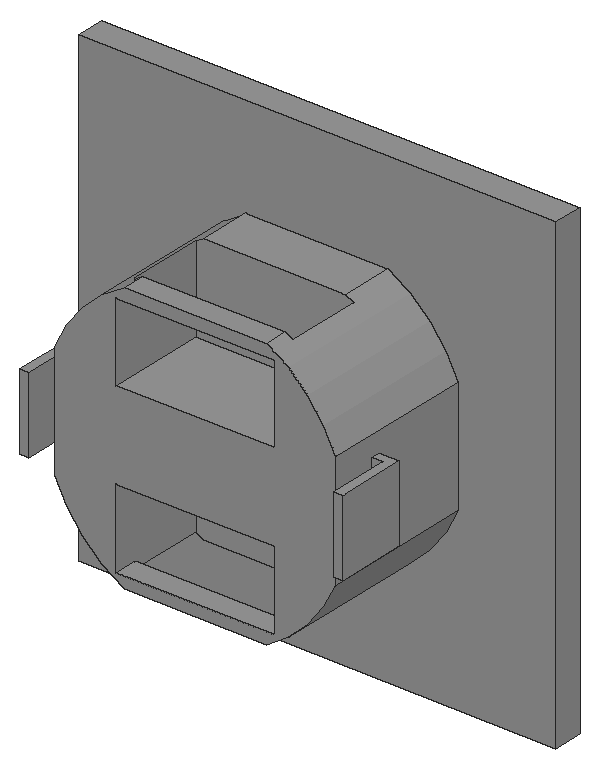
Revit family "IEK_РозеткаТелефонная_Встраиваемая_Одноместная IP20_КВАРТА", category Устройства связи, Revit 2019
Family settings
  Сохранять ориентацию аннотаций = Да
  Размер круглого соединителя = Использовать диаметр
  Тип детали = Нормальный
  На основе рабочей плоскости = Нет
  Всегда вертикально = Да
  При загрузке вырезать с полостями = Нет
  Общий = Нет
  Точка расчета площади = Нет
Parameters (values of type "РТ10-ККм")
  Ширина = 81.5 mm  # constant formula
  Тип монтажа = "Встраиваемый"  # constant formula
  Степень защиты = "IP20"  # constant formula
  Изготовитель = "IEK"  # constant formula
  Дата изменения = ""
  Глубина = 42.5 mm  # constant formula
  Высота = 80.5 mm  # constant formula
  ΔХ [instance] = 2000 mm
  ΔY [instance] = 2000 mm
  KSI_CPr_Строительные изделия = ""
  KSI_CMa_Строительные материалы = "01.7.14.03"  # constant formula
  IEK_Цена за единицу = 163.12  # constant formula
  IEK_Поиск в таблице имен = ""
  IEK_Описание = "Классический дизайн, проверенный временем и востребованный различными категориями потребителей, позволяет устанавливать изделия серии \"КВАРТА\" в квартирах, загородных домах, офисных и производственных помещениях."
  IEK_URL = "https://www.iek.ru/products/catalog/izdeliya_elektroustanovochnye_udliniteli_i_silovye_razemy/elektroustanovochnye_izdeliya/elektroustanovochnye_izdeliya_skrytogo_montazha/elektroustanovochnye_izdeliya_kvarta/elektroustanovochnye_izdeliya_kvarta_tsvet_kremovyy/rozetka_1_mestnaya_telefonnaya_rt10_kkm_kvarta_kremovyy_iek"
  ADSK_Примечание = ""
  ADSK_Позиция [instance] = ""
  ADSK_Наименование = "Розетка 1-местная телефонная РТ10-ККм КВАРТА кремовый IEK"
  ADSK_Материал обозначение = ""
  ADSK_Материал наименование = "Пластик"  # constant formula
  ADSK_Материал = Цвет кремовый
  ADSK_Масса = 0.08  # constant formula
  ADSK_Марка = "КВАРТА"  # constant formula
  ADSK_Код изделия = "ETK10-K33-DM"
  ADSK_Завод-изготовитель = "IEK"  # constant formula
  ADSK_Единица измерения = "шт"  # constant formula
  ADSK_Группирование = "III ЭЛЕКТРОУСТАНОВОЧНЫЕ И ЭЛЕКТРОМОНТАЖНЫЕ ИЗДЕЛИЯ"  # constant formula
  ADSK_Версия семейства = "1.0"  # constant formula
  ADSK_Версия Revit = "2019"  # constant formula
  ADSK_URL страницы изделия = "https://www.iek.ru/products/catalog/izdeliya_elektroustanovochnye_udliniteli_i_silovye_razemy/elektroustanovochnye_izdeliya/elektroustanovochnye_izdeliya_skrytogo_montazha/elektroustanovochnye_izdeliya_kvarta/?pagec=100"
Types (3, lengths in mm): name | IEK_URL | ADSK_Наименование | ADSK_Материал | ADSK_Код изделия
  (no name) | "https://www.iek.ru/products/catalog/izdeliya_elektroustanovochnye_udliniteli_i_silovye_razemy/elektroustanovochnye_izdeliya/elektroustanovochnye_izdeliya_skrytogo_montazha/elektroustanovochnye_izdeliya_kvarta/elektroustanovochnye_izdeliya_kvarta_tsvet_kremovyy/rozetka_1_mestnaya_telefonnaya_rt10_kkm_kvarta_kremovyy_iek" | "Розетка 1-местная телефонная РТ10-ККм КВАРТА кремовый IEK" | Цвет кремовый | "ETK10-K33-DM"
  РТ10-КБ | "https://www.iek.ru/products/catalog/izdeliya_elektroustanovochnye_udliniteli_i_silovye_razemy/elektroustanovochnye_izdeliya/elektroustanovochnye_izdeliya_skrytogo_montazha/elektroustanovochnye_izdeliya_kvarta/elektroustanovochnye_izdeliya_kvarta_tsvet_belyy/rozetka_1_mestnaya_telefonnaya_rt10_kb_kvarta_belyy_iek" | "Розетка 1-местная телефонная РТ10-КБ КВАРТА белый IEK" | Цвет белый | "ETK10-K01-DM"
  РТ10-ККм | "https://www.iek.ru/products/catalog/izdeliya_elektroustanovochnye_udliniteli_i_silovye_razemy/elektroustanovochnye_izdeliya/elektroustanovochnye_izdeliya_skrytogo_montazha/elektroustanovochnye_izdeliya_kvarta/elektroustanovochnye_izdeliya_kvarta_tsvet_kremovyy/rozetka_1_mestnaya_telefonnaya_rt10_kkm_kvarta_kremovyy_iek" | "Розетка 1-местная телефонная РТ10-ККм КВАРТА кремовый IEK" | Цвет кремовый | "ETK10-K33-DM"
Reference planes
  plane 1 "По центру (Вперед/Назад)": y = 0
  plane 2: z = 0
  plane 3 "По центру (Влево/Вправо)": x = 0
  plane 4 "Высота ножек": z = 280
  plane 5 "Высота": z = 2081.496
  plane 6: x = -2000
  plane 7: y = 2000
Forms (mm)
  Extrusion 1, solid, detail levels coarse
    sketch origin (0, 0, 0) x (1, 0, 0) y (0, 1, 0)
      loop
        line (-40.75, 15) -> (-40.75, -29) -> (40.75, -29) -> (40.75, 15) -> (-40.75, 15)
    from 0 to 80.5
  Extrusion 2, solid, detail levels medium
    sketch origin (0, 5, 0) x (1, 0, 0) y (0, 1, 0)
      loop
        line (-40.75, 10) -> (-40.75, -34) -> (40.75, -34) -> (40.75, 10) -> (-40.75, 10)
    from 0 to 80.5
  Extrusion 3, solid, material "Цвет кремовый" <- "ADSK_Материал", detail levels fine
    sketch origin (0, 0, 40.25) x (1, 0, 0) y (0, 0, -1)
      loop
        arc (-12.124, 23) -> (-19.255, 17.479) -> (-24, 9.811) r 25.342
        line (-24, 9.811) -> (-24, -9.811)
        arc (-24, -9.811) -> (-19.255, -17.479) -> (-12.124, -23) r 25.342
        line (-12.124, -23) -> (12.124, -23)
        arc (12.124, -23) -> (19.255, -17.479) -> (24, -9.811) r 25.342
        line (24, -9.811) -> (24, 9.811)
        arc (24, 9.811) -> (19.255, 17.479) -> (12.124, 23) r 25.342
        line (12.124, 23) -> (-12.124, 23)
    from 0 to -26
  Extrusion 4, solid, material "Цвет кремовый" <- "ADSK_Материал", detail levels fine
    sketch origin (0, 0, 40.25) x (1, 0, 0) y (0, 0, -1)
      loop
        line (-40.75, 40.25) -> (-40.75, -40.25) -> (40.75, -40.25) -> (40.75, 40.25) -> (-40.75, 40.25)
    from 0 to 14.038
  Revolve 5, solid, material "Цвет кремовый" <- "ADSK_Материал", detail levels fine
    sketch origin (0, 0, 40.25) x (0, 0, -1) y (0, 1, 0)
      loop
        line (19.023, 5) -> (21.005, 5) -> (21.005, 13.999)
        arc (21.005, 13.999) -> (20.014, 14.99) -> (19.023, 13.999) r 0.991
        line (19.023, 13.999) -> (19.023, 5)
      axis (0, 13.999) -> (0, 5)
    angle from 0 to 360
  Extrusion 6, void
    sketch origin (0, 0, 40.25) x (1, 0, 0) y (0, 0, -1)
      loop
        circle (0, 0) r 19.023
    from 5 to 18.875
  Extrusion 7, void
    sketch origin (-0.5, 0, 39.464) x (0, 1, 0) y (1, 0, 0)
      loop
        line (5, -40.25) -> (18.875, -40.25) -> (18.875, -11.84) -> (14.038, -11.84) -> (14.038, -14.912)
        spline (14.038, -14.912) -> (13.743, -16.643) -> (13.423, -18.551) -> (13.06, -20.603) -> (12.637, -22.767) -> (12.136, -25.011) -> (11.54, -27.303) -> (10.832, -29.61) -> (9.995, -31.901) -> (9.01, -34.142) -> (7.861, -36.302) -> (6.53, -38.349) -> (5, -40.25)
    from -55.184 to 53.611
  Extrusion 8, void
    sketch origin (0, 0, 40.25) x (1, 0, 0) y (0, 0, -1)
      loop
        line (-6, 5.5) -> (-6, -1.5) -> (-3.5, -1.5) -> (-3.5, -3.5) -> (-2, -3.5) -> (-2, -5.5) -> (2, -5.5) -> (2, -3.5) -> (3.5, -3.5) -> (3.5, -1.5) -> (6, -1.5) -> (6, 5.5) -> (-6, 5.5)
    from 5 to -4
  Extrusion 9, void
    sketch origin (0.5, 0, 39.464) x (0, -1, 0) y (-1, 0, 0)
      loop
        spline (-5, -40.25) -> (-6.53, -38.349) -> (-7.861, -36.302) -> (-9.01, -34.142) -> (-9.995, -31.901) -> (-10.832, -29.61) -> (-11.54, -27.303) -> (-12.136, -25.011) -> (-12.637, -22.767) -> (-13.06, -20.603) -> (-13.423, -18.551) -> (-13.743, -16.643) -> (-14.038, -14.912)
        line (-14.038, -14.912) -> (-14.038, -11.84) -> (-18.875, -11.84) -> (-18.875, -40.25) -> (-5, -40.25)
    from -55.184 to 53.611
  Extrusion 10, void
    sketch origin (0.786, 0, 40.25) x (0, 0, 1) y (0, -1, 0)
      loop
        spline (40.25, -5) -> (38.349, -6.53) -> (36.302, -7.861) -> (34.142, -9.01) -> (31.901, -9.995) -> (29.61, -10.832) -> (27.303, -11.54) -> (25.011, -12.136) -> (22.767, -12.637) -> (20.603, -13.06) -> (18.551, -13.423) -> (16.643, -13.743) -> (14.912, -14.038)
        line (14.912, -14.038) -> (11.84, -14.038) -> (11.84, -18.875) -> (40.25, -18.875) -> (40.25, -5)
    from -55.184 to 53.611
  Extrusion 11, void
    sketch origin (0.786, 0, 40.25) x (0, 0, -1) y (0, 1, 0)
      loop
        line (40.25, 5) -> (40.25, 18.875) -> (11.84, 18.875) -> (11.84, 14.038) -> (14.912, 14.038)
        spline (14.912, 14.038) -> (16.643, 13.743) -> (18.551, 13.423) -> (20.603, 13.06) -> (22.767, 12.637) -> (25.011, 12.136) -> (27.303, 11.54) -> (29.61, 10.832) -> (31.901, 9.995) -> (34.142, 9.01) -> (36.302, 7.861) -> (38.349, 6.53) -> (40.25, 5)
    from -55.184 to 53.611
  Extrusion 12, solid, material "Цвет кремовый" <- "ADSK_Материал", detail levels fine
    sketch origin (0, 0, 40.25) x (1, 0, 0) y (0, 1, 0)
      loop
        line (-26, -29) -> (-26, -18.5) -> (-24, -18.5) -> (-24, -17) -> (-27.5, -17) -> (-27.5, -29) -> (-26, -29)
      loop
        line (27.5, -29) -> (27.5, -17) -> (24, -17) -> (24, -18.5) -> (26, -18.5) -> (26, -29) -> (27.5, -29)
    from -6.5 to 6.5
  Extrusion 13, void
    sketch origin (0, 0, 40.25) x (0, -1, 0) y (1, 0, 0)
      loop
        line (9, -13.5) -> (22, -13.5) -> (22, 13.5) -> (9, 13.5) -> (9, -13.5)
    from 7.5 to 23
  Extrusion 14, void
    sketch origin (0, 0, 40.25) x (1, 0, 0) y (0, 0, -1)
      loop
        line (-13.5, -7.5) -> (-13.5, -21) -> (13.5, -21) -> (13.5, -7.5) -> (-13.5, -7.5)
      loop
        line (-13.5, 21) -> (-13.5, 7.5) -> (13.5, 7.5) -> (13.5, 21) -> (-13.5, 21)
    from -26 to -22
  Extrusion 15, void
    sketch origin (0, 0, 8.329) x (1, 0, 0) y (0, 1, 0)
      loop
        line (-13.5, -9) -> (-13.5, -22) -> (13.5, -22) -> (13.5, -9) -> (-13.5, -9)
    from 7.5 to 23
Cuts and joins
  Extrusion 6, Extrusion 7, Extrusion 8, Extrusion 9, Extrusion 10, Extrusion 11 cuts Extrusion 4
  Extrusion 13, Extrusion 14, Extrusion 15 cuts Extrusion 3
  Extrusion 15 cuts Extrusion 1
Lines and regions (mm)
  reference lines
    curve 1: line (0, 44.647, 0) -> (0, -55.353, 0)
    curve 2: line (-23.829, 0, 0) -> (76.171, 0, 0)
Dimensions and locks
  locked: plane 4 "Высота ножек" to plane 2 at 280
  plane 5 "Высота" to plane 4 "Высота ножек" = 1801.496 mm
  "ΔХ": plane 6 to curve 1
  "ΔY": plane 7 to curve 2
  aligned and locked: level to plane 2
  aligned and locked: nested 1 to curve 1
  aligned and locked: curve 2 to nested 1
Automatic sketch dimensions
  Extrusion 1 sketch curve to plane 3 "По центру (Влево/Вправо)" = 40.75 mm
  plane 3 "По центру (Влево/Вправо)" to Extrusion 1 sketch curve = 40.75 mm
  plane 1 "По центру (Вперед/Назад)" to Extrusion 1 sketch curve = 29 mm
  Extrusion 1 sketch curve to plane 1 "По центру (Вперед/Назад)" = 15 mm
  Extrusion 2 sketch curve to plane 3 "По центру (Влево/Вправо)" = 40.75 mm
  plane 3 "По центру (Влево/Вправо)" to Extrusion 2 sketch curve = 40.75 mm
  plane 1 "По центру (Вперед/Назад)" to Extrusion 2 sketch curve = 29 mm
  Extrusion 2 sketch curve to plane 1 "По центру (Вперед/Назад)" = 15 mm
  Extrusion 3 sketch curve to plane 3 "По центру (Влево/Вправо)" = 24 mm
  Extrusion 3 sketch curve to plane 3 "По центру (Влево/Вправо)" = 12.124 mm  (x2)
  Extrusion 3 sketch curve to plane 3 "По центру (Влево/Вправо)" = 0.422 mm  (x2)
  plane 3 "По центру (Влево/Вправо)" to Extrusion 3 sketch curve = 0.422 mm  (x2)
  plane 3 "По центру (Влево/Вправо)" to Extrusion 3 sketch curve = 12.124 mm  (x2)
  Extrusion 3 sketch curve to Extrusion 3 sketch curve = 11.876 mm
  level to Extrusion 3 sketch curve = 63.25 mm
  Extrusion 3 sketch curve to Extrusion 3 sketch curve = 13.189 mm  (x2)
  Extrusion 3 sketch curve to Extrusion 3 sketch curve = 1.043 mm
  Extrusion 3 sketch curve to Extrusion 3 sketch curve = 0 mm
  Extrusion 3 sketch curve to Extrusion 3 sketch curve = 19.622 mm
  Extrusion 4 sketch curve to level = 0 mm
  Extrusion 4 sketch curve to plane 3 "По центру (Влево/Вправо)" = 40.75 mm
  plane 3 "По центру (Влево/Вправо)" to Extrusion 4 sketch curve = 40.75 mm
  level to Extrusion 4 sketch curve = 80.5 mm
  level to Revolve 5 sketch curve = 21.227 mm
  Revolve 5 sketch curve to Revolve 5 sketch curve = 0.991 mm
  Revolve 5 sketch curve to plane 1 "По центру (Вперед/Назад)" = 5 mm
  Revolve 5 sketch curve to Revolve 5 sketch curve = 8.999 mm
  level to Revolve 5 sketch curve = 40.25 mm
  plane 1 "По центру (Вперед/Назад)" to Revolve 5 sketch curve = 609.6 mm
  plane 7 to Revolve 5 sketch curve = 343.807 mm
  Extrusion 6 sketch curve to plane 3 "По центру (Влево/Вправо)" = 0 mm
  level to Extrusion 6 sketch curve = 40.25 mm
  Extrusion 7 sketch curve to plane 1 "По центру (Вперед/Назад)" = 5 mm
  Extrusion 7 sketch curve to plane 1 "По центру (Вперед/Назад)" = 14.038 mm
  Extrusion 7 sketch curve to Extrusion 7 sketch curve = 4.837 mm
  Extrusion 7 sketch curve to plane 3 "По центру (Влево/Вправо)" = 12.34 mm
  Extrusion 7 sketch curve to Extrusion 7 sketch curve = 3.071 mm
  Extrusion 7 sketch curve to Extrusion 7 sketch curve = 25.338 mm
  Extrusion 8 sketch curve to plane 3 "По центру (Влево/Вправо)" = 6 mm
  Extrusion 8 sketch curve to Extrusion 8 sketch curve = 2.5 mm
  Extrusion 8 sketch curve to plane 3 "По центру (Влево/Вправо)" = 2 mm
  plane 3 "По центру (Влево/Вправо)" to Extrusion 8 sketch curve = 2 mm
  Extrusion 8 sketch curve to Extrusion 8 sketch curve = 1.5 mm
  plane 3 "По центру (Влево/Вправо)" to Extrusion 8 sketch curve = 6 mm
  level to Extrusion 8 sketch curve = 45.75 mm
  Extrusion 8 sketch curve to Extrusion 8 sketch curve = 2 mm  (x4)
  Extrusion 8 sketch curve to Extrusion 8 sketch curve = 7 mm
  Extrusion 9 sketch curve to plane 1 "По центру (Вперед/Назад)" = 18.875 mm
  Extrusion 9 sketch curve to Extrusion 9 sketch curve = 4.837 mm
  Extrusion 9 sketch curve to plane 1 "По центру (Вперед/Назад)" = 5 mm
  plane 3 "По центру (Влево/Вправо)" to Extrusion 9 sketch curve = 12.34 mm
  Extrusion 9 sketch curve to Extrusion 9 sketch curve = 3.071 mm
  Extrusion 9 sketch curve to Extrusion 9 sketch curve = 25.338 mm
  Extrusion 10 sketch curve to plane 1 "По центру (Вперед/Назад)" = 18.875 mm
  level to Extrusion 10 sketch curve = 52.09 mm
  Extrusion 10 sketch curve to plane 1 "По центру (Вперед/Назад)" = 14.038 mm
  Extrusion 10 sketch curve to Extrusion 10 sketch curve = 3.071 mm
  Extrusion 10 sketch curve to plane 1 "По центру (Вперед/Назад)" = 5 mm
  Extrusion 10 sketch curve to Extrusion 10 sketch curve = 25.338 mm
  Extrusion 11 sketch curve to level = 0 mm
  level to Extrusion 11 sketch curve = 25.338 mm
  Extrusion 11 sketch curve to Extrusion 11 sketch curve = 3.071 mm
  Extrusion 11 sketch curve to plane 1 "По центру (Вперед/Назад)" = 5 mm
  Extrusion 11 sketch curve to plane 1 "По центру (Вперед/Назад)" = 14.038 mm
  Extrusion 11 sketch curve to Extrusion 11 sketch curve = 4.837 mm
  Extrusion 12 sketch curve to plane 3 "По центру (Влево/Вправо)" = 27.5 mm
  Extrusion 12 sketch curve to Extrusion 12 sketch curve = 1.5 mm  (x4)
  Extrusion 12 sketch curve to Extrusion 12 sketch curve = 2 mm  (x2)
  plane 3 "По центру (Влево/Вправо)" to Extrusion 12 sketch curve = 24 mm
  plane 1 "По центру (Вперед/Назад)" to Extrusion 12 sketch curve = 29 mm  (x2)
  Extrusion 12 sketch curve to Extrusion 12 sketch curve = 10.5 mm  (x2)
  plane 1 "По центру (Вперед/Назад)" to Extrusion 13 sketch curve = 9 mm
  Extrusion 13 sketch curve to Extrusion 13 sketch curve = 13 mm
  Extrusion 13 sketch curve to plane 3 "По центру (Влево/Вправо)" = 13.5 mm
  plane 3 "По центру (Влево/Вправо)" to Extrusion 13 sketch curve = 13.5 mm
  Extrusion 14 sketch curve to plane 3 "По центру (Влево/Вправо)" = 13.5 mm  (x2)
  plane 3 "По центру (Влево/Вправо)" to Extrusion 14 sketch curve = 13.5 mm  (x2)
  level to Extrusion 14 sketch curve = 61.25 mm
  Extrusion 14 sketch curve to Extrusion 14 sketch curve = 13.5 mm  (x2)
  Extrusion 14 sketch curve to Extrusion 14 sketch curve = 15 mm
  Extrusion 15 sketch curve to plane 3 "По центру (Влево/Вправо)" = 13.5 mm
  plane 3 "По центру (Влево/Вправо)" to Extrusion 15 sketch curve = 13.5 mm
  plane 1 "По центру (Вперед/Назад)" to Extrusion 15 sketch curve = 22 mm
  plane 1 "По центру (Вперед/Назад)" to Extrusion 15 sketch curve = 9 mm
  curve 2 to plane 3 "По центру (Влево/Вправо)" = 23.829 mm
  plane 3 "По центру (Влево/Вправо)" to curve 2 = 76.171 mm
  plane 1 "По центру (Вперед/Назад)" to curve 1 = 55.353 mm
  curve 1 to plane 1 "По центру (Вперед/Назад)" = 44.647 mm
  radius of Extrusion 6 sketch curve = 19.023 mm
Nested families
  nested 1: "УГО Розетки связистской" at (0, 0, 0), type "Розетка телефонная", detail levels coarse+medium
Connectors
  electrical at (0, -7, 0)
    settings: on Extrusion 1, index 1, voltage 0 V, apparent load 0 VA, apparent load phase1 0 VA, apparent load phase2 0 VA, apparent load phase3 0 VA, power factor 1, load classification "Прочее", number of poles 1, system type 9, power factor state 1, is connector primary yes, connector utility no, sub classification motor no, connector description ""
Definition of nested family "УГО Розетки связистской"
  Parameters (values of type "Розетка двухместная телефонная")
    Розетка телефонная = no
    Розетка сетевая (Интернет) = no
    Розетка сетевая и телефонная = no
    Розетка телевизионная = no
    Розетка двухместная телефонная = yes
  Types (5, lengths in mm): name | Розетка телефонная | Розетка сетевая (Интернет) | Розетка сетевая и телефонная | Розетка телевизионная | Розетка двухместная телефонная
    Розетка телевизионная | no | no | no | yes | no
    Розетка сетевая (Интернет) | no | yes | no | no | no
    Розетка сетевая и телефонная | no | no | yes | no | no
    Розетка телефонная | yes | no | no | no | no
    Розетка двухместная телефонная | no | no | no | no | yes
  Reference planes
    plane 1: y = 0
    plane 2: x = 0
  Lines and regions (mm)
    Filled region 1, type "Цветовая область 1", visible <- "Розетка телефонная"
      outline origin (0, 0, 0) x (1, 0, 0) y (0, 1, 0)
        loop
          line (-0.512, 1.977) -> (-0.512, 3.023) -> (-1.53, 3.023) -> (-1.53, 1.977) -> (-0.512, 1.977)
        loop
          line (0.512, 1.977) -> (1.53, 1.977) -> (1.53, 3.023) -> (0.512, 3.023) -> (0.512, 1.977)
    Filled region 2, type "Цветовая область 1", visible <- "Розетка телефонная", not visible
      outline origin (0, 0, 0) x (1, 0, 0) y (0, 1, 0)
        loop
          line (8.078, 7.617) -> (8.078, 8.664) -> (7.06, 8.664) -> (7.06, 7.617) -> (8.078, 7.617)
        loop
          line (9.101, 7.617) -> (10.119, 7.617) -> (10.119, 8.664) -> (9.101, 8.664) -> (9.101, 7.617)
    Filled region 3, type "Цветовая область 1", visible <- "Розетка сетевая и телефонная"
      outline origin (0, 0, 0) x (1, 0, 0) y (0, 1, 0)
        loop
          line (0.994, 4) -> (0.994, 3) -> (1.994, 3) -> (1.994, 4) -> (0.994, 4)
        loop
          line (3.019, 3) -> (4.019, 3) -> (4.019, 4) -> (3.019, 4) -> (3.019, 3)
    Filled region 4, type "Цветовая область 1", visible <- "Розетка сетевая и телефонная", not visible
      outline origin (0, 0, 0) x (1, 0, 0) y (0, 1, 0)
        loop
          line (28.769, 14.987) -> (28.769, 13.987) -> (29.769, 13.987) -> (29.769, 14.987) -> (28.769, 14.987)
        loop
          line (30.794, 13.987) -> (31.794, 13.987) -> (31.794, 14.987) -> (30.794, 14.987) -> (30.794, 13.987)
    Filled region 5, type "Цветовая область 1", visible <- "Розетка двухместная телефонная"
      outline origin (0, 0, 0) x (1, 0, 0) y (0, 1, 0)
        loop
          line (-0.512, 1.977) -> (-0.512, 3.023) -> (-1.53, 3.023) -> (-1.53, 1.977) -> (-0.512, 1.977)
        loop
          line (0.512, 1.977) -> (1.53, 1.977) -> (1.53, 3.023) -> (0.512, 3.023) -> (0.512, 1.977)
    Filled region 6, type "Цветовая область 1", visible <- "Розетка двухместная телефонная", not visible
      outline origin (0, 0, 0) x (1, 0, 0) y (0, 1, 0)
        loop
          line (39.096, 13.207) -> (39.096, 14.254) -> (38.078, 14.254) -> (38.078, 13.207) -> (39.096, 13.207)
        loop
          line (40.119, 13.207) -> (41.137, 13.207) -> (41.137, 14.254) -> (40.119, 14.254) -> (40.119, 13.207)
    detail lines
      curve 1: line (0.006, 0, 0) -> (0.006, 2.454, 0)
      curve 2: line (0.006, 0, 0) -> (2.217, 0, 0)
    detail lines, visible <- "Розетка сетевая (Интернет)", not visible
      curve 3: line (2.5, 1.221, 0) -> (-2.5, 1.221, 0)
      curve 4: line (2.5, 6.221, 0) -> (-2.5, 6.221, 0)
      curve 5: line (0, 6.221, 0) -> (-2.5, 1.221, 0)
      curve 6: line (0, 6.221, 0) -> (2.5, 1.221, 0)
    detail lines, visible <- "Розетка телевизионная", not visible
      curve 7: line (19.458, 13.285, 0) -> (24.458, 13.285, 0)
      curve 8: line (19.458, 8.285, 0) -> (24.458, 8.285, 0)
      curve 9: line (21.958, 13.285, 0) -> (19.458, 8.285, 0)
      curve 10: line (21.958, 13.285, 0) -> (24.458, 8.285, 0)
    detail lines, visible <- "Розетка сетевая (Интернет)"
      curve 11: line (2.506, 0, 0) -> (-2.494, 0, 0)
      curve 12: line (2.506, 5, 0) -> (-2.494, 5, 0)
      curve 13: line (0.006, 5, 0) -> (-2.494, 0, 0)
      curve 14: line (0.006, 5, 0) -> (2.506, 0, 0)
    detail lines, visible <- "Розетка телевизионная"
      curve 15: line (-2.494, 5, 0) -> (2.506, 5, 0)
      curve 16: line (-2.494, 0, 0) -> (2.506, 0, 0)
      curve 17: line (0.006, 5, 0) -> (-2.494, 0, 0)
      curve 18: line (0.006, 5, 0) -> (2.506, 0, 0)
    detail lines, visible <- "Розетка телефонная"
      curve 19: circle (0.006, 2.5, 0) r 2.5 normal (0, 0, 1)
      curve 21: line (-1.53, 3.023, 0) -> (-1.53, 1.977, 0)
      curve 22: line (-1.53, 1.977, 0) -> (-0.512, 1.977, 0)
      curve 23: line (-0.512, 1.977, 0) -> (-0.512, 3.023, 0)
      curve 24: line (-0.512, 3.023, 0) -> (-1.53, 3.023, 0)
      curve 25: line (1.53, 3.023, 0) -> (1.53, 1.977, 0)
      curve 26: line (1.53, 1.977, 0) -> (0.512, 1.977, 0)
      curve 27: line (0.512, 1.977, 0) -> (0.512, 3.023, 0)
      curve 28: line (0.512, 3.023, 0) -> (1.53, 3.023, 0)
    detail lines, visible <- "Розетка телефонная", not visible
      curve 20: circle (8.596, 8.14, 0) r 2.5 normal (0, 0, 1)
      curve 29: line (7.06, 8.664, 0) -> (7.06, 7.617, 0)
      curve 30: line (7.06, 7.617, 0) -> (8.078, 7.617, 0)
      curve 31: line (8.078, 7.617, 0) -> (8.078, 8.664, 0)
      curve 32: line (8.078, 8.664, 0) -> (7.06, 8.664, 0)
      curve 33: line (10.119, 8.664, 0) -> (10.119, 7.617, 0)
      curve 34: line (10.119, 7.617, 0) -> (9.101, 7.617, 0)
      curve 35: line (9.101, 7.617, 0) -> (9.101, 8.664, 0)
      curve 36: line (9.101, 8.664, 0) -> (10.119, 8.664, 0)
    detail lines, visible <- "Розетка сетевая и телефонная"
      curve 37: line (-5.994, 7, 0) -> (6.006, 7, 0)
      curve 38: line (-5.994, 0, 0) -> (-5.994, 7, 0)
      curve 39: line (6.006, 0, 0) -> (-5.994, 0, 0)
      curve 40: line (6.006, 7, 0) -> (6.006, 0, 0)
      curve 41: line (-4.994, 1, 0) -> (0.006, 1, 0)
      curve 42: line (-2.474, 6, 0) -> (-4.994, 1, 0)
      curve 43: line (-2.474, 6, 0) -> (0.006, 1, 0)
      curve 44: circle (2.506, 3.5, 0) r 2.5 normal (0, 0, 1)
      curve 45: line (-4.994, 6, 0) -> (0.006, 6, 0)
      curve 46: line (0.994, 4, 0) -> (0.994, 3, 0)
      curve 47: line (0.994, 3, 0) -> (1.994, 3, 0)
      curve 48: line (1.994, 3, 0) -> (1.994, 4, 0)
      curve 49: line (1.994, 4, 0) -> (0.994, 4, 0)
      curve 50: line (4.019, 4, 0) -> (4.019, 3, 0)
      curve 51: line (4.019, 3, 0) -> (3.019, 3, 0)
      curve 52: line (3.019, 3, 0) -> (3.019, 4, 0)
      curve 53: line (3.019, 4, 0) -> (4.019, 4, 0)
    detail lines, visible <- "Розетка сетевая и телефонная", not visible
      curve 54: line (21.782, 17.987, 0) -> (33.782, 17.987, 0)
      curve 55: line (21.782, 10.987, 0) -> (21.782, 17.987, 0)
      curve 56: line (33.782, 10.987, 0) -> (21.782, 10.987, 0)
      curve 57: line (33.782, 17.987, 0) -> (33.782, 10.987, 0)
      curve 58: line (22.782, 11.987, 0) -> (27.782, 11.987, 0)
      curve 59: line (25.301, 16.987, 0) -> (22.782, 11.987, 0)
      curve 60: line (25.301, 16.987, 0) -> (27.782, 11.987, 0)
      curve 61: circle (30.282, 14.487, 0) r 2.5 normal (0, 0, 1)
      curve 62: line (22.782, 16.987, 0) -> (27.782, 16.987, 0)
      curve 63: line (28.769, 14.987, 0) -> (28.769, 13.987, 0)
      curve 64: line (28.769, 13.987, 0) -> (29.769, 13.987, 0)
      curve 65: line (29.769, 13.987, 0) -> (29.769, 14.987, 0)
      curve 66: line (29.769, 14.987, 0) -> (28.769, 14.987, 0)
      curve 67: line (31.794, 14.987, 0) -> (31.794, 13.987, 0)
      curve 68: line (31.794, 13.987, 0) -> (30.794, 13.987, 0)
      curve 69: line (30.794, 13.987, 0) -> (30.794, 14.987, 0)
      curve 70: line (30.794, 14.987, 0) -> (31.794, 14.987, 0)
    detail lines, visible <- "Розетка двухместная телефонная"
      curve 71: circle (0.006, 2.5, 0) r 2.5 normal (0, 0, 1)
      curve 72: line (-1.53, 3.023, 0) -> (-1.53, 1.977, 0)
      curve 73: line (-1.53, 1.977, 0) -> (-0.512, 1.977, 0)
      curve 74: line (-0.512, 1.977, 0) -> (-0.512, 3.023, 0)
      curve 75: line (-0.512, 3.023, 0) -> (-1.53, 3.023, 0)
      curve 76: line (1.53, 3.023, 0) -> (1.53, 1.977, 0)
      curve 77: line (1.53, 1.977, 0) -> (0.512, 1.977, 0)
      curve 78: line (0.512, 1.977, 0) -> (0.512, 3.023, 0)
      curve 79: line (0.512, 3.023, 0) -> (1.53, 3.023, 0)
    detail lines, visible <- "Розетка двухместная телефонная", not visible
      curve 80: circle (39.614, 13.731, 0) r 2.5 normal (0, 0, 1)
      curve 81: line (38.078, 14.254, 0) -> (38.078, 13.207, 0)
      curve 82: line (38.078, 13.207, 0) -> (39.096, 13.207, 0)
      curve 83: line (39.096, 13.207, 0) -> (39.096, 14.254, 0)
      curve 84: line (39.096, 14.254, 0) -> (38.078, 14.254, 0)
      curve 85: line (41.137, 14.254, 0) -> (41.137, 13.207, 0)
      curve 86: line (41.137, 13.207, 0) -> (40.119, 13.207, 0)
      curve 87: line (40.119, 13.207, 0) -> (40.119, 14.254, 0)
      curve 88: line (40.119, 14.254, 0) -> (41.137, 14.254, 0)
  Text (mm)
    text "TV" at (20.688, 11.147, 0), visible <- "Розетка телевизионная", not visible
    text "TV" at (-1.264, 2.862, 0), visible <- "Розетка телевизионная"
    text "2" at (1.883, 7.136, 0), visible <- "Розетка двухместная телефонная"
    text "2" at (41.49, 18.367, 0), visible <- "Розетка двухместная телефонная", not visible
